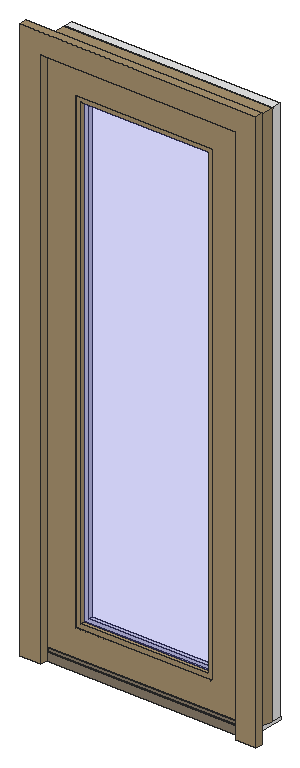
Revit family "Door-Architect-Pella-Clad-In-Swing-Single-R2", category Doors, host Wall, Revit 2013 (continued)
Definition of nested family "Nested-Pella-Architect-Head"
  Parameters (values of type "Head")
    Type Comments = "For use with Pella Architect Models"  # constant formula
    Thickness = 0' - 5 55/64"
    Nail Fin = yes
    Assembly Code = "B2030100"
  Reference planes (in)
    plane 1 "Center (Front/Back)": y = 0
    plane 2: z = 0
    plane 3 "Center (Left/Right)": x = 0.51936
    plane 4 "Front": x = -0.77673
    plane 5 "Back": x = 5.08264
    plane 6 "Glass": y = 5.31188
  Lines and regions (in)
    Masking region 1, in view "Ref. Level", detail levels medium+fine
      outline origin (0, 0, 0) x (1, 0, 0) y (0, 1, 0)
        loop
          line (0.22016, 0.07969) -> (-0.33874, 0.07969) -> (-0.33874, 0.242) -> (-0.73173, 0.242) -> (-0.73173, 0.37123) -> (-0.674, 0.55281) -> (-0.674, 0.74328) -> (0.61306, 0.74328) -> (0.61306, 1.50319) -> (0.94651, 1.50319) -> (0.94651, 1.54313) -> (0.57192, 1.54313) -> (0.57192, 0.79016) -> (-0.72088, 0.79016) -> (-0.72088, 0.56008) -> (-0.77673, 0.3844) -> (-0.77673, 0.197) -> (-0.38374, 0.197) -> (-0.38374, 0.09) -> (-0.69447, 0.09)
          arc (-0.69447, 0.09) -> (-0.73947, 0.045) -> (-0.69447, 0) r 0.045
          line (-0.69447, 0) -> (-0.57348, 0) -> (-0.54848, 0.025) -> (0.26704, 0.025) -> (0.26704, 0.21481) -> (0.38312, 0.21481) -> (0.38312, 0.025) -> (0.55155, 0.025) -> (0.55155, 0.07028) -> (0.43, 0.07028) -> (0.43, 0.26169) -> (0.22016, 0.26169) -> (0.22016, 0.07969)
        loop
          line (3.01618, 1.30488) -> (3.01618, 1.40888) -> (3.20861, 1.40888) -> (3.20861, 1.46388) -> (3.01618, 1.46388) -> (3.01618, 1.59188) -> (3.17968, 1.59188) -> (3.17968, 1.64688) -> (3.01618, 1.64688) -> (3.01618, 1.98838) -> (3.17478, 1.98838) -> (3.17478, 2.04338) -> (3.01618, 2.04338) -> (3.01618, 3.01788) -> (3.17478, 3.01788) -> (3.17478, 3.07288) -> (3.01618, 3.07288) -> (3.01618, 4.78488) -> (3.17478, 4.78488) -> (3.17478, 4.83988) -> (3.01618, 4.83988) -> (3.01618, 5.75738) -> (3.39626, 5.75738) -> (3.39626, 5.434) -> (3.44064, 5.434) -> (3.44064, 5.60238) -> (3.5312, 5.60238) -> (3.5312, 5.65738) -> (3.44064, 5.65738) -> (3.44064, 5.75738) -> (3.5312, 5.75738) -> (3.5312, 5.81238) -> (2.96118, 5.81238) -> (2.96118, 1.24988) -> (3.20861, 1.24988) -> (3.20861, 1.30488) -> (3.01618, 1.30488)
    Filled region 1, type "Wood - Pella", in view "Ref. Level", detail levels medium+fine
      outline origin (0, 0, 0) x (1, 0, 0) y (0, 1, 0)
        loop
          line (5.08264, 0) -> (5.08264, 1) -> (2.55273, 1) -> (2.55273, 1.10949) -> (2.64816, 1.10949) -> (2.64816, 1.438) -> (0.96009, 1.438) -> (0.96009, 0.938) -> (0.61882, 0.938) -> (0.61882, 0.66726) -> (0.42927, 0.66726) -> (0.42927, 0.73423) -> (0.36478, 0.73423) -> (0.07289, 0.45988) -> (-0.00633, 0.45988) -> (-0.00633, 0.138) -> (0.21383, 0.138) -> (0.21383, 0.26851) -> (0.43945, 0.26851) -> (0.43945, 0.07) -> (2.23448, 0.07) -> (2.30448, 0) -> (5.08264, 0)
        loop
          line (3.17968, 1.61032) -> (3.33674, 1.61032) -> (3.33674, 1.81138)
          arc (3.33674, 1.81138) -> (3.39435, 1.86899) -> (3.45196, 1.81138) r 0.05761
          line (3.45196, 1.81138) -> (3.45196, 1.30001) -> (3.63319, 1.125) -> (5.02364, 1.125) -> (5.02364, 5.13438) -> (4.92368, 5.13438) -> (4.92368, 5.78535) -> (4.39168, 5.81323) -> (4.39168, 5.13438) -> (3.70203, 5.13438)
          arc (3.70203, 5.13438) -> (3.53153, 5.20154) -> (3.45264, 5.36694) r 0.25
          line (3.45264, 5.36694) -> (3.45264, 5.40813) -> (3.36892, 5.40813) -> (3.36892, 5.56173) -> (3.17968, 5.56173) -> (3.17968, 1.61032)
    Masking region 2, in view "Ref. Level", detail levels coarse
      outline origin (0, 0, 0) x (1, 0, 0) y (0, 1, 0)
        loop
          line (-0.77673, 0) -> (5.08264, 0) -> (5.08264, 5.81238) -> (2.96118, 5.81238) -> (2.96118, 1.54313) -> (-0.77673, 1.54313) -> (-0.77673, 0)
    Masking region 3, in view "Ref. Level", visible <- "Nail Fin", detail levels fine
      outline origin (0, 0, 0) x (1, 0, 0) y (0, 1, 0)
        loop
          line (0.27279, 0.20734) -> (0.27279, 0) -> (0.48811, 0) -> (0.48811, -1.21526) -> (0.51936, -1.21526) -> (0.51936, 0.03125) -> (0.30404, 0.03125) -> (0.30404, 0.17609) -> (0.34797, 0.17609) -> (0.34797, 0.09143) -> (0.37922, 0.09143) -> (0.37922, 0.20734) -> (0.27279, 0.20734)
    Masking region 4, in view "Ref. Level", detail levels medium+fine
      outline origin (0, 0, 0) x (1, 0, 0) y (0, 1, 0)
        loop
          line (0.64732, 1.50319) -> (0.64732, 1.46319) -> (2.64816, 1.46319) -> (2.64816, 1.05819) -> (2.56309, 1.05819) -> (2.56309, 1.01819) -> (2.68816, 1.01819) -> (2.68816, 1.50319) -> (0.64732, 1.50319)
    detail lines, in view "Ref. Level", detail levels fine
      curve 1: line (4.39168, 5.13438, 0) -> (4.92368, 5.13438, 0)
  Dimensions and locks (in)
    plane 1 "Center (Front/Back)" to Masking region 1 sketch curve to Masking region 1 sketch curve to Masking region 1 sketch curve to Masking region 1 sketch curve to Masking region 1 sketch curve to Masking region 1 sketch curve to Masking region 1 sketch curve to Masking region 1 sketch curve to Masking region 1 sketch curve to Masking region 1 sketch curve to Masking region 1 sketch curve to Masking region 1 sketch curve to Masking region 1 sketch curve to Masking region 1 sketch curve to Masking region 1 sketch curve to Masking region 1 sketch curve to Masking region 1 sketch curve = 0' - 0.025" locked, 0' - 0" locked, 0' - 0.04528" locked, 0' - 0.0094" locked, 0' - 0.01031" locked, 0' - 0.107" locked, 0' - 0.01781" locked, 0' - 0.02719" locked, 0' - 0.01969" locked, 0' - 0.10954" locked, 0' - 0.01317" locked, 0' - 0.16841" locked, 0' - 0.00727" locked, 0' - 0.1832" locked, 0' - 0 3/64" locked, 0' - 0.71303" locked, 0' - 0.03994" locked
    plane 4 "Front" to Masking region 1 sketch curve to Masking region 1 sketch curve to Masking region 1 sketch curve to Masking region 1 sketch curve to Masking region 1 sketch curve to Masking region 1 sketch curve to Masking region 1 sketch curve to Masking region 1 sketch curve to Masking region 1 sketch curve to Masking region 1 sketch curve to Masking region 1 sketch curve to Masking region 1 sketch curve to Masking region 1 sketch curve to Masking region 1 sketch curve to Masking region 1 sketch curve to Masking region 1 sketch curve to Masking region 1 sketch curve = 0' - 0" locked, 0' - 0.045" locked, 0' - 0.01085" locked, 0' - 0.02641" locked, 0' - 0.02046" locked, 0' - 0.10052" locked, 0' - 0.025" locked, 0' - 0.16475" locked, 0' - 0.045" locked, 0' - 0.5589" locked, 0' - 0 3/64" locked, 0' - 0.11608" locked, 0' - 0 3/64" locked, 0' - 0.12155" locked, 0' - 0.02037" locked, 0' - 0.04114" locked, 0' - 0.33346" locked
    Masking region 3 sketch curve to plane 1 "Center (Front/Back)" to Masking region 3 sketch curve to Masking region 3 sketch curve to Masking region 3 sketch curve to Masking region 3 sketch curve = 0' - 1.21526" locked, 0' - 0 1/32" locked, 0' - 0.06018" locked, 0' - 0.08466" locked, 0' - 0 1/32" locked
    Masking region 3 sketch curve to Masking region 3 sketch curve to Masking region 3 sketch curve to Masking region 3 sketch curve to Masking region 3 sketch curve to Masking region 3 sketch curve to plane 3 "Center (Left/Right)" = 0' - 0 1/32" locked, 0' - 0.04392" locked, 0' - 0 1/32" locked, 0' - 0.10889" locked, 0' - 0 1/32" locked, 0' - 0" locked
    locked: plane 1 "Center (Front/Back)" to plane 6 "Glass" at 5.31188
    locked: Masking region 2 sketch curve to plane 5 "Back" at 2.12147
    Masking region 2 sketch curve to Masking region 2 sketch curve to plane 1 "Center (Front/Back)" = 0' - 4.26926" locked, 0' - 1.54313" locked
    locked: plane 4 "Front" to plane 3 "Center (Left/Right)" at 1.29609
    plane 1 "Center (Front/Back)" to Masking region 4 sketch curve to Masking region 4 sketch curve to Masking region 4 sketch curve to Masking region 4 sketch curve = 0' - 1.01819" locked, 0' - 0.04" locked, 0' - 0.405" locked, 0' - 0.04" locked
    Masking region 4 sketch curve to Masking region 4 sketch curve to Masking region 4 sketch curve to plane 5 "Back" = 0' - 0.08507" locked, 0' - 0.04" locked, 0' - 2.39449" locked
    locked: plane 4 "Front" to Masking region 4 sketch curve at 1.42406
    "Thickness": plane 4 "Front" to plane 5 "Back"
    plane 1 "Center (Front/Back)" to Filled region 1 sketch curve to Filled region 1 sketch curve to Filled region 1 sketch curve to Filled region 1 sketch curve to Filled region 1 sketch curve to Filled region 1 sketch curve to Filled region 1 sketch curve to Filled region 1 sketch curve to Filled region 1 sketch curve to Filled region 1 sketch curve = 0' - 0.07" locked, 0' - 0.068" locked, 0' - 0.13051" locked, 0' - 0.19137" locked, 0' - 0.20738" locked, 0' - 0.06697" locked, 0' - 0.20377" locked, 0' - 0.062" locked, 0' - 0.10949" locked, 0' - 0.32851" locked
    plane 4 "Front" to Filled region 1 sketch curve to Filled region 1 sketch curve to Filled region 1 sketch curve to Filled region 1 sketch curve to Filled region 1 sketch curve to Filled region 1 sketch curve to Filled region 1 sketch curve to Filled region 1 sketch curve = 0' - 0.7704" locked, 0' - 0.07922" locked, 0' - 0.14094" locked, 0' - 0.15095" locked, 0' - 0.0645" locked, 0' - 0.01017" locked, 0' - 0.17938" locked, 0' - 0.34126" locked
    Filled region 1 sketch curve to Filled region 1 sketch curve to Filled region 1 sketch curve to Filled region 1 sketch curve to Filled region 1 sketch curve to Filled region 1 sketch curve to Filled region 1 sketch curve to Filled region 1 sketch curve to Filled region 1 sketch curve to Filled region 1 sketch curve to Filled region 1 sketch curve to plane 5 "Back" = 0' - 0.15707" locked, 0' - 0.03218" locked, 0' - 0.08304" locked, 0' - 0.00068" locked, 0' - 0.18055" locked, 0' - 0.06884" locked, 0' - 0" locked, 0' - 0.68965" locked, 0' - 0.532" locked, 0' - 0.09997" locked, 0' - 0.059" locked
    plane 1 "Center (Front/Back)" to Filled region 1 sketch curve to Filled region 1 sketch curve to Filled region 1 sketch curve to Filled region 1 sketch curve to Filled region 1 sketch curve to Filled region 1 sketch curve to Filled region 1 sketch curve to Filled region 1 sketch curve to Filled region 1 sketch curve to Filled region 1 sketch curve to Filled region 1 sketch curve to Filled region 1 sketch curve to Filled region 1 sketch curve = 0' - 1 1/8" locked, 0' - 0.17501" locked, 0' - 0.31031" locked, 0' - 0.20106" locked, 0' - 0" locked, 0' - 0" locked, 0' - 3.323" locked, 0' - 0" locked, 0' - 0.23256" locked, 0' - 0.04119" locked, 0' - 0.1536" locked, 0' - 0.22362" locked, 0' - 0.02788" locked
    plane 1 "Center (Front/Back)" to Masking region 1 sketch curve to Masking region 1 sketch curve to Masking region 1 sketch curve to Masking region 1 sketch curve to Masking region 1 sketch curve to Masking region 1 sketch curve to Masking region 1 sketch curve to Masking region 1 sketch curve to Masking region 1 sketch curve to Masking region 1 sketch curve to Masking region 1 sketch curve to Masking region 1 sketch curve to Masking region 1 sketch curve to Masking region 1 sketch curve to Masking region 1 sketch curve to Masking region 1 sketch curve to Masking region 1 sketch curve to Masking region 1 sketch curve = 0' - 1.24988" locked, 0' - 0.055" locked, 0' - 0.104" locked, 0' - 0.055" locked, 0' - 0.128" locked, 0' - 0.055" locked, 0' - 0.3415" locked, 0' - 0.055" locked, 0' - 0.9745" locked, 0' - 0.055" locked, 0' - 1.712" locked, 0' - 0.055" locked, 0' - 0.59412" locked, 0' - 0.16838" locked, 0' - 0.055" locked, 0' - 0.1" locked, 0' - 0" locked, 0' - 0.055" locked
    Masking region 1 sketch curve to Masking region 1 sketch curve to Masking region 1 sketch curve to Masking region 1 sketch curve to Masking region 1 sketch curve to Masking region 1 sketch curve to Masking region 1 sketch curve to Masking region 1 sketch curve to Masking region 1 sketch curve to Masking region 1 sketch curve to Masking region 1 sketch curve to Masking region 1 sketch curve to Masking region 1 sketch curve to Masking region 1 sketch curve to Masking region 1 sketch curve to Masking region 1 sketch curve to Masking region 1 sketch curve to Masking region 1 sketch curve to plane 5 "Back" = 0' - 0.055" locked, 0' - 0" locked, 0' - 0" locked, 0' - 0" locked, 0' - 0" locked, 0' - 0" locked, 0' - 0.15861" locked, 0' - 0" locked, 0' - 0" locked, 0' - 0.00489" locked, 0' - 0.02893" locked, 0' - 0" locked, 0' - 0.18765" locked, 0' - 0.04438" locked, 0' - 0" locked, 0' - 0.09056" locked, 0' - 0" locked, 0' - 1.55145" locked
    Filled region 1 sketch curve to Filled region 1 sketch curve to Filled region 1 sketch curve to Filled region 1 sketch curve to plane 5 "Back" = 0' - 0.07" locked, 0' - 0.24824" locked, 0' - 0.09543" locked, 0' - 2.43449" locked
    locked: curve 1 to plane 6 "Glass" at 0.1775
    aligned and locked: plane 1 "Center (Front/Back)" to Masking region 1 sketch curve
    aligned and locked: Filled region 1 sketch curve to plane 1 "Center (Front/Back)"
    aligned and locked: plane 5 "Back" to Filled region 1 sketch curve
    aligned and locked: Masking region 2 sketch curve to plane 5 "Back"
    aligned and locked: Masking region 2 sketch curve to plane 4 "Front"
    aligned and locked: plane 1 "Center (Front/Back)" to Masking region 2 sketch curve
    aligned and locked: curve 1 to Filled region 1
    aligned and locked: Filled region 1 to curve 1
  Automatic sketch dimensions
    plane 1 "Center (Front/Back)" to Masking region 3 sketch curve = 0' - 0"
